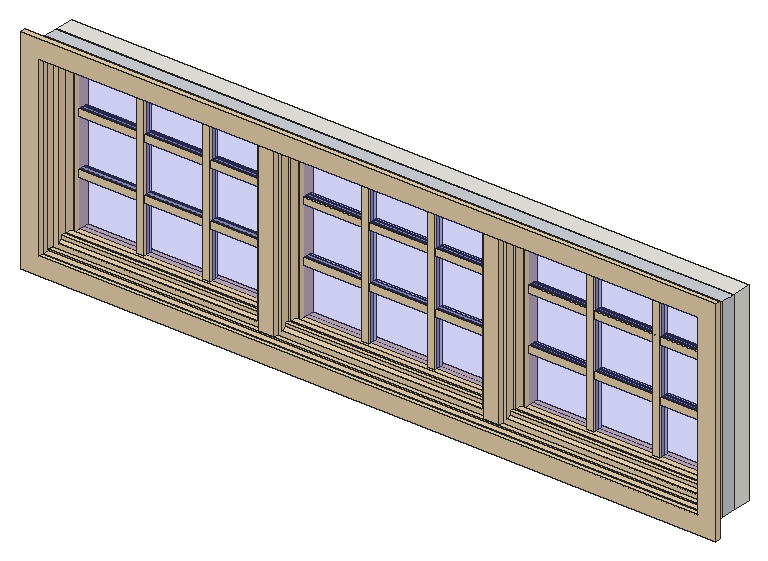
Revit family "1 Window-Awning-Andersen-400_Series_Triple", category Windows, host Wall, Revit 2014 (continued)
Definition of nested family "Andersen_Sash_Panel"
  Dimensions and locks (in)
    aligned and locked: Split face 8 sketch curve to plane 10 "GlazingA"
    aligned and locked: Split face 8 sketch curve to plane 11 "GlazingB"
    aligned and locked: curve 2 to plane 11 "GlazingB"
    aligned and locked: plane 7 "Glazing Bottom" to curve 3
    aligned and locked: plane 10 "GlazingA" to curve 3
    aligned and locked: plane 9 "Glazing Top" to curve 4
    aligned and locked: plane 11 "GlazingB" to curve 4
    aligned and locked: plane 6 "Glazing Left" to curve 6
    aligned and locked: plane 8 "Glazing Right" to curve 6
    aligned and locked: Split face 5 to plane 10 "GlazingA"
    aligned and locked: plane 9 "Glazing Top" to nested 1
    aligned and locked: plane 9 "Glazing Top" to nested 2
    aligned and locked: curve 13 to plane 12 "Back"
    aligned and locked: curve 16 to plane 5 "Right"
    aligned and locked: plane 8 "Glazing Right" to curve 14
    aligned and locked: curve 15 to plane 1 "Front"
    aligned and locked: curve 12 to plane 6 "Glazing Left"
    aligned and locked: plane 3 "Left" to curve 10
    aligned and locked: curve 11 to plane 1 "Front"
    aligned and locked: curve 9 to plane 12 "Back"
    aligned and locked: plane 9 "Glazing Top" to nested 3
    aligned and locked: plane 6 "Glazing Left" to nested 4
    aligned and locked: nested 6 to plane 6 "Glazing Left"
    aligned and locked: nested 5 to plane 6 "Glazing Left"
    aligned and locked: plane 6 "Glazing Left" to nested 7
  Automatic sketch dimensions
    Split face 1 sketch curve to Extrusion 1 = 0' - 0"  (x2)
    Split face 2 sketch curve to Extrusion 1 = 0' - 0"
    Extrusion 1 to Split face 2 sketch curve = 0' - 0"
    Extrusion 1 to Split face 3 sketch curve = 0' - 0"
    Split face 3 sketch curve to Extrusion 1 = 0' - 0"
    Split face 4 sketch curve to Extrusion 1 = 0' - 0"  (x2)
    Split face 5 sketch curve to Extrusion 1 = 0' - 0"  (x4)
    Split face 6 sketch curve to Extrusion 1 = 0' - 0"  (x2)
    Extrusion 1 to Split face 6 sketch curve = 0' - 0"  (x2)
    Extrusion 1 to Split face 7 sketch curve = 0' - 0"  (x2)
    Split face 7 sketch curve to Extrusion 1 = 0' - 0"  (x2)
    Split face 8 sketch curve to Extrusion 1 = 0' - 0"  (x4)
    curve 1 to plane 10 "GlazingA" = 0' - 0"
    curve 7 to plane 9 "Glazing Top" = 0' - 0"
    curve 3 to plane 9 "Glazing Top" = 0' - 0"
    curve 8 to plane 9 "Glazing Top" = 0' - 0"
    curve 7 to plane 7 "Glazing Bottom" = 0' - 0"
    curve 4 to plane 7 "Glazing Bottom" = 0' - 0"
    curve 8 to plane 7 "Glazing Bottom" = 0' - 0"
  Nested families (in)
    nested 1: "Andersen_Grille_Bar" at (8.15885, 0.65234, 17.40625) x (1, 0, 0) z (0, -1, 0), Bar Width <- "GrilleBarSize", Bar Length <- "BarLengthVertical", visible <- "MultipleVertBar Visibility", type "Andersen_Grille_Bar"
      with Center Line Length 2' - 7 7/8", Center Line 1, Bar Width 0' - 0 7/8", Bar Length 2' - 7 7/16"
    nested 2: "Andersen_Grille_Bar" at (15.00521, 0.65234, 17.40625) x (1, 0, 0) z (0, -1, 0), Bar Width <- "GrilleBarSize", Bar Length <- "BarLengthVertical", visible <- "MultipleVertBar Visibility", type "Andersen_Grille_Bar"
      with Center Line Length 2' - 7 7/8", Center Line 1, Bar Width 0' - 0 7/8", Bar Length 2' - 7 7/16"
    nested 3: "Andersen_Grille_Bar" at (11.58203, 0.65234, 17.40625) x (1, 0, 0) z (0, -1, 0), Bar Width <- "GrilleBarSize", visible <- "SingleVertBarVisibility", Bar Length <- "BarLengthVertical", type "Andersen_Grille_Bar"
      with Center Line Length 2' - 7 7/8", Center Line 1, Bar Width 0' - 0 7/8", Bar Length 2' - 7 7/16"
    nested 4: "Andersen_Grille_Bar" at (11.58203, 0.65234, 17.40625) x (0, 0, -1) z (0, -1, 0), Bar Width <- "GrilleBarSize", Bar Length <- "BarLengthHorizontal", visible <- "SingleHorBarVisibility", type "Andersen_Grille_Bar"
      with Center Line Length 1' - 8 13/128", Center Line 1, Bar Width 0' - 0 7/8", Bar Length 1' - 7 85/128"
    nested 5: "Andersen_Grille_Bar" at (11.58203, 0.65234, 12.02083) x (0, 0, 1) z (0, -1, 0), Bar Width <- "GrilleBarSize", Bar Length <- "BarLengthHorizontal", visible <- "MultipleHorBarVisibility", type "Andersen_Grille_Bar"
      with Center Line Length 1' - 8 13/128", Center Line 1, Bar Width 0' - 0 7/8", Bar Length 1' - 7 85/128"
    nested 6: "Andersen_Grille_Bar" at (11.58203, 0.65234, 22.79167) x (0, 0, 1) z (0, -1, 0), Bar Width <- "GrilleBarSize", Bar Length <- "BarLengthHorizontal", visible <- "MultipleHorBarVisibility", type "Andersen_Grille_Bar"
      with Center Line Length 1' - 8 13/128", Center Line 1, Bar Width 0' - 0 7/8", Bar Length 1' - 7 85/128"
    nested 7: "Andersen_Grille_Bar" at (11.58203, 0.65234, 25.48438) x (0, 0, -1) z (0, -1, 0), Bar Width <- "GrilleBarSize", Bar Length <- "BarLengthHorizontal", visible <- "S H Fractional", type "Andersen_Grille_Bar"
      with Center Line Length 1' - 8 13/128", Center Line 1, Bar Width 0' - 0 7/8", Bar Length 1' - 7 85/128"
  Definition of nested family "Andersen_Grille_Bar"
    Parameters (values of type "Andersen_Grille_Bar")
      Interior Bar Visibility = yes
      Interior Bar Thickness = 0' - 0 27/128"
      Interior Bar Material = Wood - Andersen - Pine
      Glass Pane Thickness = 0' - 0 1/8"
      Glass OA Thickness = 0' - 0 5/8"
      Exterior Bar Visibility = yes
      Exterior Bar Thickness = 0' - 0 27/128"
      Exterior Bar Finish = none
      Default Elevation = 4' - 0"
      Center Line Length [instance] = if(Center Line = 1, Bar Length + (Bar Width / 2), Bar Length)  # 0' - 4 7/16"
      Center Line [instance] = 1
      Between Glass Bar Visibility = yes
      Between Glass Bar Finish = Stainless Steel - Andersen - Standard
      Bar Width [instance] = 0' - 0 7/8"
      Bar Length [instance] = 0' - 4"
    Reference planes (in)
      plane 1 "Center (Front/Back)": y = 0
      plane 2 "a": z = 0
      plane 3 "Center (Left/Right)": x = 0
      plane 4 "1": x = -0.4375
      plane 5 "2": x = 0.4375
      plane 6: y = 2
      plane 7: y = -2
      plane 8 "b": z = -0.625
      plane 9: y = -2.4375
      plane 10 "a1": z = 12
      plane 11 "a2": z = -12
    Forms (in)
      Extrusion 1, solid
        sketch origin (0, 0, 0) x (1, 0, 0) y (0, 1, 0)
          loop
            line (-48, 48) -> (-48, -48) -> (48, -48) -> (48, 48) -> (-48, 48)
        from 0 to -12
      Extrusion 2, solid, material <- "Exterior Bar Finish", visible <- "Exterior Bar Visibility", detail levels fine
        sketch origin (0, 0, 0) x (1, 0, 0) y (0, 1, 0)
          loop
            line (-0.4375, 2) -> (-0.4375, -2) -> (0.4375, -2) -> (0.4375, 2) -> (-0.4375, 2)
        from 0 to 0.21094
      Extrusion 3, solid, material "Stainless Steel - Andersen - Standard" <- "Between Glass Bar Finish", visible <- "Between Glass Bar Visibility", detail levels fine
        sketch origin (0, 0, 0) x (1, 0, 0) y (0, 1, 0)
          loop
            line (-0.4375, 2) -> (-0.4375, -2) -> (0.4375, -2) -> (0.4375, 2) -> (-0.4375, 2)
        from -0.5 to -0.125
      Extrusion 4, solid, material "Wood - Andersen - Pine" <- "Interior Bar Material", visible <- "Interior Bar Visibility", detail levels fine
        sketch origin (0, 0, 0) x (1, 0, 0) y (0, 1, 0)
          loop
            line (-0.4375, 2) -> (-0.4375, -2) -> (0.4375, -2) -> (0.4375, 2) -> (-0.4375, 2)
        from -0.83594 to -0.625
    Lines and regions (in)
      model lines, style "GenericModel", detail levels coarse+medium
        curve 1: line (0, 2, 0) -> (0, -2.4375, 0)
      symbolic lines, style "GenericModel", detail levels coarse+medium
        curve 2: line (0, 2, 12) -> (0, -2.4375, 12)
    Dimensions and locks (in)
      "Glass OA Thickness": plane 2 "a" to plane 8 "b"
      "Exterior Bar Thickness": Extrusion 2 to Extrusion 2
      "Interior Bar Thickness": plane 8 "b" to Extrusion 4
      equal spacing: plane 4 "1", plane 3 "Center (Left/Right)", plane 5 "2"
      equal spacing: plane 6, plane 1 "Center (Front/Back)", plane 7
      "Bar Width": plane 4 "1" to plane 5 "2"
      "Bar Length": plane 6 to plane 7
      "Center Line Length": plane 6 to plane 9
      locked: plane 10 "a1" to plane 2 "a" at 12
      locked: plane 2 "a" to plane 11 "a2" at 12
      "Glass Pane Thickness": Extrusion 3 to plane 8 "b"
      "Glass Pane Thickness": plane 2 "a" to Extrusion 3
      aligned and locked: plane 2 "a" to Extrusion 1
      aligned and locked: level to Extrusion 1
      aligned and locked: Extrusion 2 to plane 2 "a"
      aligned and locked: Extrusion 2 to plane 4 "1"
      aligned and locked: plane 5 "2" to Extrusion 2
      aligned and locked: plane 6 to Extrusion 2
      aligned and locked: Extrusion 2 to plane 7
      aligned and locked: Extrusion 3 to plane 4 "1"
      aligned and locked: plane 5 "2" to Extrusion 3
      aligned and locked: plane 6 to Extrusion 3
      aligned and locked: Extrusion 3 to plane 7
      aligned and locked: plane 8 "b" to Extrusion 4
      aligned and locked: Extrusion 4 to plane 4 "1"
      aligned and locked: plane 5 "2" to Extrusion 4
      aligned and locked: plane 6 to Extrusion 4
      aligned and locked: Extrusion 4 to plane 7
      aligned and locked: plane 6 to curve 1
      aligned and locked: plane 9 to curve 1
      aligned and locked: curve 1 to plane 3 "Center (Left/Right)"
      aligned and locked: plane 6 to curve 2
      aligned and locked: plane 9 to curve 2
      aligned and locked: curve 2 to plane 3 "Center (Left/Right)"
    Automatic sketch dimensions
      Extrusion 1 sketch curve to Extrusion 1 sketch curve = 8' - 0"  (x2)
      plane 7 to Extrusion 2 sketch curve = 0' - 0"
      Extrusion 2 sketch curve to plane 5 "2" = 0' - 0 7/8"
      Extrusion 2 sketch curve to plane 6 = 0' - 0"
      Extrusion 2 sketch curve to Extrusion 2 sketch curve = 0' - 0 7/8"
      plane 7 to Extrusion 3 sketch curve = 0' - 0"
      Extrusion 3 sketch curve to plane 5 "2" = 0' - 0 7/8"
      Extrusion 3 sketch curve to plane 6 = 0' - 0"
      Extrusion 3 sketch curve to Extrusion 3 sketch curve = 0' - 0 7/8"
      Extrusion 4 sketch curve to plane 7 = 0' - 0"
      Extrusion 4 sketch curve to plane 5 "2" = 0' - 0 7/8"
      Extrusion 4 sketch curve to plane 6 = 0' - 0"
      Extrusion 4 sketch curve to Extrusion 4 sketch curve = 0' - 0 7/8"
